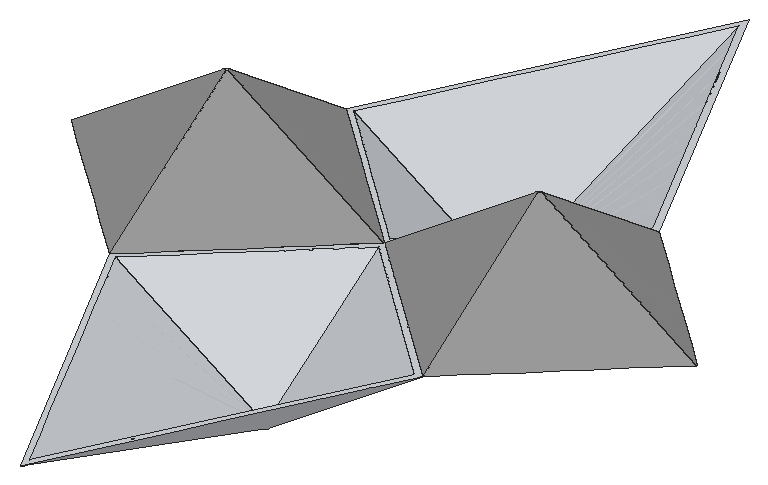
Revit family "CLD-FCT-016_KITE_RTV", category Modelos genéricos, Revit 2022 (continued)
Definition of nested family "CLD-FCT-016_KITE_1_RTV"
  Forms (in)
    Extrusion 125, solid, not visible
      sketch origin (61.88413, 137.28574, 0) x (1, 0, 0) y (0, 1, 0)
        loop
          line (46.11587, -29.28574) -> (-61.88412, -29.28574) -> (-59.38412, -31.78574) -> (43.61587, -31.78574) -> (46.11587, -29.28574)
      from 0 to 0.59055
    Extrusion 126, solid, not visible
      sketch origin (18.95842, 8.20753, 0) x (1, 0, 0) y (0, 1, 0)
        loop
          line (-16.93086, 97.76491) -> (-16.45842, 97.29247) -> (86.54158, 97.29247) -> (87.01402, 97.76491) -> (-16.93086, 97.76491)
      from 0.59055 to 8
    Extrusion 127, solid, not visible
      sketch origin (-101.24865, 87.31603, 0) x (0, -1, 0) y (1, 0, 0)
        loop
          line (-20.21152, 101.72109) -> (-20.68397, 101.24865) -> (87.31604, 101.24865) -> (86.84359, 101.72109) -> (-20.21152, 101.72109)
      from 0.47244 to 8
    Extrusion 128, solid, not visible
      sketch origin (-29.28573, 61.88413, 0) x (0, 1, 0) y (-1, 0, 0)
        loop
          line (46.11587, -29.28574) -> (-61.88412, -29.28574) -> (-59.38412, -31.78574) -> (43.61587, -31.78574) -> (46.11587, -29.28574)
      from 0 to 0.59055
    Extrusion 129, solid, not visible
      sketch origin (-99.22109, 87.31603, 0) x (0, -1, 0) y (1, 0, 0)
        loop
          line (-18.18396, 101.72109) -> (-18.65641, 101.24865) -> (85.28848, 101.24865) -> (84.81603, 101.72109) -> (-18.18396, 101.72109)
      from 0.47244 to 8
    Extrusion 130, solid, not visible
      sketch origin (61.88413, -29.28574, 0) x (1, 0, 0) y (0, 1, 0)
        loop
          line (46.11587, 29.28574) -> (43.61587, 31.78574) -> (-59.38412, 31.78574) -> (-61.88412, 29.28574) -> (46.11587, 29.28574)
      from 0 to 0.47244
    Extrusion 131, solid, not visible
      sketch origin (8.95842, -97.17435, 0) x (1, 0, 0) y (0, 1, 0)
        loop
          line (-8.48598, 97.64679) -> (-8.95842, 97.17436) -> (99.04157, 97.17436) -> (98.56914, 97.64679) -> (-8.48598, 97.64679)
      from 0.59055 to 8
    Extrusion 132, solid, not visible
      sketch origin (8.95842, -95.14679, 0) x (1, 0, 0) y (0, 1, 0)
        loop
          line (-6.45842, 97.64679) -> (-6.93085, 97.17436) -> (97.01401, 97.17436) -> (96.54158, 97.64679) -> (-6.45842, 97.64679)
      from 0.59055 to 8
    Extrusion 133, solid, not visible
      sketch origin (61.88413, -29.28574, 0) x (1, 0, 0) y (0, 1, 0)
        loop
          line (46.11587, 29.28574) -> (43.61587, 31.78574) -> (-59.38412, 31.78574) -> (-61.88412, 29.28574) -> (46.11587, 29.28574)
      from 0 to 0.47244
    Extrusion 134, solid, not visible
      sketch origin (18.95842, 10.23509, 0) x (1, 0, 0) y (0, 1, 0)
        loop
          line (-18.95842, 97.76491) -> (-18.48598, 97.29247) -> (88.56914, 97.29247) -> (89.04158, 97.76491) -> (-18.95842, 97.76491)
      from 0.59055 to 8
    Extrusion 135, solid, not visible
      sketch origin (8.95842, -97.17435, 0) x (1, 0, 0) y (0, 1, 0)
        loop
          line (-8.48598, 97.64679) -> (-8.95842, 97.17436) -> (99.04157, 97.17436) -> (98.56914, 97.64679) -> (-8.48598, 97.64679)
      from 0.59055 to 8
    Extrusion 136, solid, not visible
      sketch origin (10.23509, 91.82771, 0) x (0, -1, 0) y (1, 0, 0)
        loop
          line (-16.17229, 97.76491) -> (-15.69986, 97.29248) -> (91.35527, 97.29248) -> (91.82771, 97.76491) -> (-16.17229, 97.76491)
      from 0.59055 to 8
    Extrusion 137, solid, not visible
      sketch origin (-101.24865, 87.31603, 0) x (0, -1, 0) y (1, 0, 0)
        loop
          line (-20.21152, 101.72109) -> (-20.68397, 101.24865) -> (87.31604, 101.24865) -> (86.84359, 101.72109) -> (-20.21152, 101.72109)
      from 0.47244 to 8
    Extrusion 138, solid, not visible
      sketch origin (61.88413, 137.28574, 0) x (1, 0, 0) y (0, 1, 0)
        loop
          line (46.11587, -29.28574) -> (-61.88412, -29.28574) -> (-59.38412, -31.78574) -> (43.61587, -31.78574) -> (46.11587, -29.28574)
      from 0 to 0.59055
    Extrusion 139, solid, not visible
      sketch origin (-29.28573, 61.88413, 0) x (0, 1, 0) y (-1, 0, 0)
        loop
          line (46.11587, -29.28574) -> (-61.88412, -29.28574) -> (-59.38412, -31.78574) -> (43.61587, -31.78574) -> (46.11587, -29.28574)
      from 0 to 0.59055
    Extrusion 140, solid, not visible
      sketch origin (137.28574, 61.88413, 0) x (0, 1, 0) y (-1, 0, 0)
        loop
          line (46.11587, 29.28574) -> (43.61587, 31.78574) -> (-59.38412, 31.78574) -> (-61.88412, 29.28574) -> (46.11587, 29.28574)
      from 0 to 0.59055
    Extrusion 141, solid, not visible
      sketch origin (8.95842, -95.14679, 0) x (1, 0, 0) y (0, 1, 0)
        loop
          line (-6.45842, 97.64679) -> (-6.93085, 97.17436) -> (97.01401, 97.17436) -> (96.54158, 97.64679) -> (-6.45842, 97.64679)
      from 0.59055 to 8
    Extrusion 142, solid, not visible
      sketch origin (-99.22109, 87.31603, 0) x (0, -1, 0) y (1, 0, 0)
        loop
          line (-18.18396, 101.72109) -> (-18.65641, 101.24865) -> (85.28848, 101.24865) -> (84.81603, 101.72109) -> (-18.18396, 101.72109)
      from 0.47244 to 8
    Extrusion 143, solid, not visible
      sketch origin (18.95842, 8.20753, 0) x (1, 0, 0) y (0, 1, 0)
        loop
          line (-16.93086, 97.76491) -> (-16.45842, 97.29247) -> (86.54158, 97.29247) -> (87.01402, 97.76491) -> (-16.93086, 97.76491)
      from 0.59055 to 8
    Extrusion 144, solid, not visible
      sketch origin (8.20754, 91.82771, 0) x (0, -1, 0) y (1, 0, 0)
        loop
          line (-14.14474, 97.76491) -> (-13.67231, 97.29248) -> (89.32772, 97.29248) -> (89.80016, 97.76491) -> (-14.14474, 97.76491)
      from 0.59055 to 8.22418
    Extrusion 145, solid, not visible
      sketch origin (8.95842, -70.17436, 0) x (1, 0, 0) y (0, 1, 0)
        loop
          line (-8.48642, 97.64679) -> (-8.48642, 97.17436) -> (98.56914, 97.17436) -> (98.56914, 97.64679) -> (-8.48642, 97.64679)
      from 0.59055 to 8
    Extrusion 146, solid, not visible
      sketch origin (8.95842, -68.1468, 0) x (1, 0, 0) y (0, 1, 0)
        loop
          line (-8.48642, 97.64679) -> (-8.48642, 97.17436) -> (98.56914, 97.17436) -> (98.56914, 97.64679) -> (-8.48642, 97.64679)
      from 0.59055 to 8
    Extrusion 147, solid, not visible
      sketch origin (8.95842, -44.42438, 0) x (1, 0, 0) y (0, 1, 0)
        loop
          line (-8.48642, 97.64679) -> (-8.48642, 97.17436) -> (98.56914, 97.17436) -> (98.56914, 97.64679) -> (-8.48642, 97.64679)
      from 0.59055 to 8
    Extrusion 148, solid, not visible
      sketch origin (8.95842, -42.39682, 0) x (1, 0, 0) y (0, 1, 0)
        loop
          line (-8.48642, 97.64679) -> (-8.48642, 97.17436) -> (98.56914, 97.17436) -> (98.56914, 97.64679) -> (-8.48642, 97.64679)
      from 0.59055 to 8
    Extrusion 149, solid, not visible
      sketch origin (8.95842, -18.67436, 0) x (1, 0, 0) y (0, 1, 0)
        loop
          line (-8.48642, 97.64679) -> (-8.48642, 97.17436) -> (98.56914, 97.17436) -> (98.56914, 97.64679) -> (-8.48642, 97.64679)
      from 0.59055 to 8
    Extrusion 150, solid, not visible
      sketch origin (8.95842, -16.6468, 0) x (1, 0, 0) y (0, 1, 0)
        loop
          line (-8.48642, 97.64679) -> (-8.48642, 97.17436) -> (98.56914, 97.17436) -> (98.56914, 97.64679) -> (-8.48642, 97.64679)
      from 0.59055 to 8
    Extrusion 151, solid, not visible
      sketch origin (-70.17436, 99.04114, 0) x (0, -1, 0) y (1, 0, 0)
        loop
          line (-8.48642, 97.64679) -> (-8.48642, 97.17436) -> (98.56914, 97.17436) -> (98.56914, 97.64679) -> (-8.48642, 97.64679)
      from 0.59055 to 8
    Extrusion 152, solid, not visible
      sketch origin (-68.1468, 99.04114, 0) x (0, -1, 0) y (1, 0, 0)
        loop
          line (-8.48642, 97.64679) -> (-8.48642, 97.17436) -> (98.56914, 97.17436) -> (98.56914, 97.64679) -> (-8.48642, 97.64679)
      from 0.59055 to 8
    Extrusion 153, solid, not visible
      sketch origin (-44.89438, 99.04114, 0) x (0, -1, 0) y (1, 0, 0)
        loop
          line (-8.48642, 97.64679) -> (-8.48642, 97.17436) -> (98.56914, 97.17436) -> (98.56914, 97.64679) -> (-8.48642, 97.64679)
      from 0.59055 to 8
    Extrusion 154, solid, not visible
      sketch origin (-42.39682, 99.04114, 0) x (0, -1, 0) y (1, 0, 0)
        loop
          line (-8.48642, 97.64679) -> (-8.48642, 97.17436) -> (98.56914, 97.17436) -> (98.56914, 97.64679) -> (-8.48642, 97.64679)
      from 0.59055 to 8
    Extrusion 155, solid, not visible
      sketch origin (-18.67436, 99.04114, 0) x (0, -1, 0) y (1, 0, 0)
        loop
          line (-8.48642, 97.64679) -> (-8.48642, 97.17436) -> (98.56914, 97.17436) -> (98.56914, 97.64679) -> (-8.48642, 97.64679)
      from 0.59055 to 8
    Extrusion 156, solid, not visible
      sketch origin (-16.6468, 99.04114, 0) x (0, -1, 0) y (1, 0, 0)
        loop
          line (-8.48642, 97.64679) -> (-8.48642, 97.17436) -> (98.56914, 97.17436) -> (98.56914, 97.64679) -> (-8.48642, 97.64679)
      from 0.59055 to 8
    Extrusion 157, solid, not visible
      sketch origin (60.46912, 110.28574, 0) x (1, 0, 0) y (0, 1, 0)
        loop
          line (45.03088, -29.28574) -> (-57.96911, -29.28574) -> (-57.96911, -31.78574) -> (45.03088, -31.78574) -> (45.03088, -29.28574)
        loop
          line (23.78088, -31.03574) -> (41.78088, -31.03574) -> (41.78088, -30.03574) -> (23.78088, -30.03574) -> (23.78088, -31.03574)
        loop
          line (-54.71912, -31.03574) -> (-36.71912, -31.03574) -> (-36.71912, -30.03574) -> (-54.71912, -30.03574) -> (-54.71912, -31.03574)
      from 0 to 0.59055
    Extrusion 158, solid, not visible
      sketch origin (60.46912, 84.53571, 0) x (1, 0, 0) y (0, 1, 0)
        loop
          line (45.03088, -29.28574) -> (-57.96911, -29.28574) -> (-57.96911, -31.78574) -> (45.03088, -31.78574) -> (45.03088, -29.28574)
        loop
          line (-28.96912, -31.03574) -> (-10.96912, -31.03574) -> (-10.96912, -30.03574) -> (-28.96912, -30.03574) -> (-28.96912, -31.03574)
        loop
          line (-3.21912, -31.03571) -> (14.78088, -31.03571) -> (14.78088, -30.03571) -> (-3.21912, -30.03571) -> (-3.21912, -31.03571)
      from 0 to 0.59055
    Extrusion 159, solid, not visible
      sketch origin (60.46912, 58.78574, 0) x (1, 0, 0) y (0, 1, 0)
        loop
          line (45.03088, -29.28574) -> (-57.96911, -29.28574) -> (-57.96911, -31.78574) -> (45.03088, -31.78574) -> (45.03088, -29.28574)
        loop
          line (23.78088, -31.03574) -> (41.78088, -31.03574) -> (41.78088, -30.03574) -> (23.78088, -30.03574) -> (23.78088, -31.03574)
        loop
          line (-54.71912, -31.03574) -> (-36.71912, -31.03574) -> (-36.71912, -30.03574) -> (-54.71912, -30.03574) -> (-54.71912, -31.03574)
      from 0 to 0.59055
    Extrusion 160, solid, not visible
      sketch origin (23.46427, 86.21912, 0) x (0, 1, 0) y (-1, 0, 0)
        loop
          line (19.28088, -28.81571) -> (-83.71912, -28.81571) -> (-83.71912, -31.78574) -> (19.28088, -31.78574) -> (19.28088, -28.81571)
        loop
          line (-28.96912, -29.78573) -> (-28.96912, -30.78571) -> (-10.96912, -30.78571) -> (-10.96912, -29.78573) -> (-28.96912, -29.78573)
        loop
          line (-54.71914, -29.78573) -> (-54.71914, -30.78573) -> (-36.71914, -30.78573) -> (-36.71914, -29.78573) -> (-54.71914, -29.78573)
      from 0 to 0.59055
    Extrusion 161, solid, not visible
      sketch origin (-2.28571, 86.21912, 0) x (0, 1, 0) y (-1, 0, 0)
        loop
          line (19.28088, -29.28574) -> (-83.71912, -29.28574) -> (-83.71912, -31.78574) -> (19.28088, -31.78574) -> (19.28088, -29.28574)
        loop
          line (16.03088, -31.03571) -> (16.03088, -30.03571) -> (-1.96912, -30.03571) -> (-1.96912, -31.03571) -> (16.03088, -31.03571)
        loop
          line (-62.46912, -31.03571) -> (-62.46912, -30.03571) -> (-80.46912, -30.03571) -> (-80.46912, -31.03571) -> (-62.46912, -31.03571)
      from 0 to 0.59055
    Extrusion 162, solid, not visible
      sketch origin (49.21426, 86.21912, 0) x (0, 1, 0) y (-1, 0, 0)
        loop
          line (19.28088, -29.28574) -> (-83.71912, -29.28574) -> (-83.71912, -31.78574) -> (19.28088, -31.78574) -> (19.28088, -29.28574)
        loop
          line (16.03088, -31.03571) -> (16.03088, -30.03571) -> (-1.96912, -30.03571) -> (-1.96912, -31.03571) -> (16.03088, -31.03571)
        loop
          line (-62.46912, -31.03571) -> (-62.46912, -30.03571) -> (-80.46912, -30.03571) -> (-80.46912, -31.03571) -> (-62.46912, -31.03571)
      from 0 to 0.59055
    Extrusion 163, solid, not visible
      sketch origin (0, 0, 0) x (1, 0, 0) y (0, 1, 0)
        loop
          line (27.75, 102.25) -> (27.75, 84.25) -> (28.75, 84.25) -> (28.75, 102.25) -> (27.75, 102.25)
      from 0 to 1
    Extrusion 164, solid, not visible
      sketch origin (0, -78.5, 0) x (1, 0, 0) y (0, 1, 0)
        loop
          line (27.75, 102.25) -> (27.75, 84.25) -> (28.75, 84.25) -> (28.75, 102.25) -> (27.75, 102.25)
      from 0 to 1
    Extrusion 165, solid, not visible
      sketch origin (51.49997, 0, 0) x (1, 0, 0) y (0, 1, 0)
        loop
          line (27.75, 102.25) -> (27.75, 84.25) -> (28.75, 84.25) -> (28.75, 102.25) -> (27.75, 102.25)
      from 0 to 1
    Extrusion 166, solid, not visible
      sketch origin (51.49997, -78.5, 0) x (1, 0, 0) y (0, 1, 0)
        loop
          line (27.75, 102.25) -> (27.75, 84.25) -> (28.75, 84.25) -> (28.75, 102.25) -> (27.75, 102.25)
      from 0 to 1
    Extrusion 167, solid, not visible
      sketch origin (25.74998, -27, 0) x (1, 0, 0) y (0, 1, 0)
        loop
          line (27.50002, 102.25) -> (27.50002, 84.25) -> (28.5, 84.25) -> (28.5, 102.25) -> (27.50002, 102.25)
      from 0 to 1
    Extrusion 168, solid, not visible
      sketch origin (25.74998, -52.75002, 0) x (1, 0, 0) y (0, 1, 0)
        loop
          line (27.50002, 102.25) -> (27.50002, 84.25) -> (28.50002, 84.25) -> (28.50002, 102.25) -> (27.50002, 102.25)
      from 0 to 1
    Extrusion 169, solid, not visible
      sketch origin (108, 0, 0) x (0, 1, 0) y (-1, 0, 0)
        loop
          line (27.75, 102.25) -> (27.75, 84.25) -> (28.75, 84.25) -> (28.75, 102.25) -> (27.75, 102.25)
      from 0 to 1
    Extrusion 170, solid, not visible
      sketch origin (186.5, 0, 0) x (0, 1, 0) y (-1, 0, 0)
        loop
          line (27.75, 102.25) -> (27.75, 84.25) -> (28.75, 84.25) -> (28.75, 102.25) -> (27.75, 102.25)
      from 0 to 1
    Extrusion 171, solid, not visible
      sketch origin (108, 51.5, 0) x (0, 1, 0) y (-1, 0, 0)
        loop
          line (27.75, 102.25) -> (27.75, 84.25) -> (28.75, 84.25) -> (28.75, 102.25) -> (27.75, 102.25)
      from 0 to 1
    Extrusion 172, solid, not visible
      sketch origin (186.5, 51.5, 0) x (0, 1, 0) y (-1, 0, 0)
        loop
          line (27.75, 102.25) -> (27.75, 84.25) -> (28.75, 84.25) -> (28.75, 102.25) -> (27.75, 102.25)
      from 0 to 1
    Extrusion 173, solid, not visible
      sketch origin (133.74998, 25.74998, 0) x (0, 1, 0) y (-1, 0, 0)
        loop
          line (27.75, 102.25) -> (27.75, 84.25) -> (28.75, 84.25) -> (28.75, 102.25) -> (27.75, 102.25)
      from 0 to 1
    Extrusion 174, solid, not visible
      sketch origin (159.49998, 25.74998, 0) x (0, 1, 0) y (-1, 0, 0)
        loop
          line (27.75, 102.25) -> (27.75, 84.25) -> (28.75, 84.25) -> (28.75, 102.25) -> (27.75, 102.25)
      from 0 to 1
    Extrusion 175, solid, not visible
      sketch origin (0, 0, 0) x (1, 0, 0) y (0, 1, 0)
        loop
          line (24.34376, 0.56617) -> (24.34376, 24.31617) -> (0.59376, 24.31617) -> (0.59376, 0.56617) -> (24.34376, 0.56617)
      from 0.11811 to 0.59055
    Extrusion 176, solid, not visible
      sketch origin (0, 0, 0) x (1, 0, 0) y (0, 1, 0)
        loop
          line (24.34376, 0.56617) -> (24.34376, 24.31617) -> (0.59376, 24.31617) -> (0.59376, 0.56617) -> (24.34376, 0.56617)
      from 0 to 0.11811
    Extrusion 177, solid, not visible
      sketch origin (24, 0, 0) x (1, 0, 0) y (0, 1, 0)
        loop
          line (24.34376, 0.56617) -> (24.34376, 24.31617) -> (0.59376, 24.31617) -> (0.59376, 0.56617) -> (24.34376, 0.56617)
      from 0.11811 to 0.59055
    Extrusion 178, solid, not visible
      sketch origin (24, 0, 0) x (1, 0, 0) y (0, 1, 0)
        loop
          line (24.34376, 0.56617) -> (24.34376, 24.31617) -> (0.59376, 24.31617) -> (0.59376, 0.56617) -> (24.34376, 0.56617)
      from 0 to 0.11811
    Extrusion 179, solid, not visible
      sketch origin (48, 0, 0) x (1, 0, 0) y (0, 1, 0)
        loop
          line (24.34376, 0.56617) -> (24.34376, 24.31617) -> (0.59376, 24.31617) -> (0.59376, 0.56617) -> (24.34376, 0.56617)
      from 0.11811 to 0.59055
    Extrusion 180, solid, not visible
      sketch origin (48, 0, 0) x (1, 0, 0) y (0, 1, 0)
        loop
          line (24.34376, 0.56617) -> (24.34376, 24.31617) -> (0.59376, 24.31617) -> (0.59376, 0.56617) -> (24.34376, 0.56617)
      from 0 to 0.11811
    Extrusion 181, solid, not visible
      sketch origin (72, 0, 0) x (1, 0, 0) y (0, 1, 0)
        loop
          line (24.34376, 0.56617) -> (24.34376, 24.31617) -> (0.59376, 24.31617) -> (0.59376, 0.56617) -> (24.34376, 0.56617)
      from 0.11811 to 0.59055
    Extrusion 182, solid, not visible
      sketch origin (72, 0, 0) x (1, 0, 0) y (0, 1, 0)
        loop
          line (24.34376, 0.56617) -> (24.34376, 24.31617) -> (0.59376, 24.31617) -> (0.59376, 0.56617) -> (24.34376, 0.56617)
      from 0 to 0.11811
    Extrusion 183, solid, not visible
      sketch origin (0, 24, 0) x (1, 0, 0) y (0, 1, 0)
        loop
          line (24.34376, 0.56617) -> (24.34376, 24.31617) -> (0.59376, 24.31617) -> (0.59376, 0.56617) -> (24.34376, 0.56617)
      from 0.11811 to 0.59055
    Extrusion 184, solid, not visible
      sketch origin (0, 24, 0) x (1, 0, 0) y (0, 1, 0)
        loop
          line (24.34376, 0.56617) -> (24.34376, 24.31617) -> (0.59376, 24.31617) -> (0.59376, 0.56617) -> (24.34376, 0.56617)
      from 0 to 0.11811
    Extrusion 185, solid, not visible
      sketch origin (24, 24, 0) x (1, 0, 0) y (0, 1, 0)
        loop
          line (24.34376, 0.56617) -> (24.34376, 24.31617) -> (0.59376, 24.31617) -> (0.59376, 0.56617) -> (24.34376, 0.56617)
      from 0.11811 to 0.59055
    Extrusion 186, solid, not visible
      sketch origin (24, 24, 0) x (1, 0, 0) y (0, 1, 0)
        loop
          line (24.34376, 0.56617) -> (24.34376, 24.31617) -> (0.59376, 24.31617) -> (0.59376, 0.56617) -> (24.34376, 0.56617)
      from 0 to 0.11811
    Extrusion 187, solid, not visible
      sketch origin (48, 24, 0) x (1, 0, 0) y (0, 1, 0)
        loop
          line (24.34376, 0.56617) -> (24.34376, 24.31617) -> (0.59376, 24.31617) -> (0.59376, 0.56617) -> (24.34376, 0.56617)
      from 0.11811 to 0.59055
    Extrusion 188, solid, not visible
      sketch origin (48, 24, 0) x (1, 0, 0) y (0, 1, 0)
        loop
          line (24.34376, 0.56617) -> (24.34376, 24.31617) -> (0.59376, 24.31617) -> (0.59376, 0.56617) -> (24.34376, 0.56617)
      from 0 to 0.11811
    Extrusion 189, solid, not visible
      sketch origin (72, 24, 0) x (1, 0, 0) y (0, 1, 0)
        loop
          line (24.34376, 0.56617) -> (24.34376, 24.31617) -> (0.59376, 24.31617) -> (0.59376, 0.56617) -> (24.34376, 0.56617)
      from 0.11811 to 0.59055
    Extrusion 190, solid, not visible
      sketch origin (72, 24, 0) x (1, 0, 0) y (0, 1, 0)
        loop
          line (24.34376, 0.56617) -> (24.34376, 24.31617) -> (0.59376, 24.31617) -> (0.59376, 0.56617) -> (24.34376, 0.56617)
      from 0 to 0.11811
    Extrusion 191, solid, not visible
      sketch origin (0, 48, 0) x (1, 0, 0) y (0, 1, 0)
        loop
          line (24.34376, 0.56617) -> (24.34376, 24.31617) -> (0.59376, 24.31617) -> (0.59376, 0.56617) -> (24.34376, 0.56617)
      from 0.11811 to 0.59055
    Extrusion 192, solid, not visible
      sketch origin (0, 48, 0) x (1, 0, 0) y (0, 1, 0)
        loop
          line (24.34376, 0.56617) -> (24.34376, 24.31617) -> (0.59376, 24.31617) -> (0.59376, 0.56617) -> (24.34376, 0.56617)
      from 0 to 0.11811
    Extrusion 193, solid, not visible
      sketch origin (24, 48, 0) x (1, 0, 0) y (0, 1, 0)
        loop
          line (24.34376, 0.56617) -> (24.34376, 24.31617) -> (0.59376, 24.31617) -> (0.59376, 0.56617) -> (24.34376, 0.56617)
      from 0.11811 to 0.59055
    Extrusion 194, solid, not visible
      sketch origin (24, 48, 0) x (1, 0, 0) y (0, 1, 0)
        loop
          line (24.34376, 0.56617) -> (24.34376, 24.31617) -> (0.59376, 24.31617) -> (0.59376, 0.56617) -> (24.34376, 0.56617)
      from 0 to 0.11811
    Extrusion 195, solid, not visible
      sketch origin (48, 48, 0) x (1, 0, 0) y (0, 1, 0)
        loop
          line (24.34376, 0.56617) -> (24.34376, 24.31617) -> (0.59376, 24.31617) -> (0.59376, 0.56617) -> (24.34376, 0.56617)
      from 0.11811 to 0.59055
    Extrusion 196, solid, not visible
      sketch origin (48, 48, 0) x (1, 0, 0) y (0, 1, 0)
        loop
          line (24.34376, 0.56617) -> (24.34376, 24.31617) -> (0.59376, 24.31617) -> (0.59376, 0.56617) -> (24.34376, 0.56617)
      from 0 to 0.11811
    Extrusion 197, solid, not visible
      sketch origin (72, 48, 0) x (1, 0, 0) y (0, 1, 0)
        loop
          line (24.34376, 0.56617) -> (24.34376, 24.31617) -> (0.59376, 24.31617) -> (0.59376, 0.56617) -> (24.34376, 0.56617)
      from 0.11811 to 0.59055
    Extrusion 198, solid, not visible
      sketch origin (72, 48, 0) x (1, 0, 0) y (0, 1, 0)
        loop
          line (24.34376, 0.56617) -> (24.34376, 24.31617) -> (0.59376, 24.31617) -> (0.59376, 0.56617) -> (24.34376, 0.56617)
      from 0 to 0.11811
    Extrusion 199, solid, not visible
      sketch origin (0, 72, 0) x (1, 0, 0) y (0, 1, 0)
        loop
          line (24.34376, 0.56617) -> (24.34376, 24.31617) -> (0.59376, 24.31617) -> (0.59376, 0.56617) -> (24.34376, 0.56617)
      from 0.11811 to 0.59055
    Extrusion 200, solid, not visible
      sketch origin (0, 72, 0) x (1, 0, 0) y (0, 1, 0)
        loop
          line (24.34376, 0.56617) -> (24.34376, 24.31617) -> (0.59376, 24.31617) -> (0.59376, 0.56617) -> (24.34376, 0.56617)
      from 0 to 0.11811
    Extrusion 201, solid, not visible
      sketch origin (24, 72, 0) x (1, 0, 0) y (0, 1, 0)
        loop
          line (24.34376, 0.56617) -> (24.34376, 24.31617) -> (0.59376, 24.31617) -> (0.59376, 0.56617) -> (24.34376, 0.56617)
      from 0.11811 to 0.59055
    Extrusion 202, solid, not visible
      sketch origin (24, 72, 0) x (1, 0, 0) y (0, 1, 0)
        loop
          line (24.34376, 0.56617) -> (24.34376, 24.31617) -> (0.59376, 24.31617) -> (0.59376, 0.56617) -> (24.34376, 0.56617)
      from 0 to 0.11811
    Extrusion 203, solid, not visible
      sketch origin (48, 72, 0) x (1, 0, 0) y (0, 1, 0)
        loop
          line (24.34376, 0.56617) -> (24.34376, 24.31617) -> (0.59376, 24.31617) -> (0.59376, 0.56617) -> (24.34376, 0.56617)
      from 0.11811 to 0.59055
    Extrusion 204, solid, not visible
      sketch origin (48, 72, 0) x (1, 0, 0) y (0, 1, 0)
        loop
          line (24.34376, 0.56617) -> (24.34376, 24.31617) -> (0.59376, 24.31617) -> (0.59376, 0.56617) -> (24.34376, 0.56617)
      from 0 to 0.11811
    Extrusion 205, solid, not visible
      sketch origin (72, 72, 0) x (1, 0, 0) y (0, 1, 0)
        loop
          line (24.34376, 0.56617) -> (24.34376, 24.31617) -> (0.59376, 24.31617) -> (0.59376, 0.56617) -> (24.34376, 0.56617)
      from 0.11811 to 0.59055
    Extrusion 206, solid, not visible
      sketch origin (72, 72, 0) x (1, 0, 0) y (0, 1, 0)
        loop
          line (24.34376, 0.56617) -> (24.34376, 24.31617) -> (0.59376, 24.31617) -> (0.59376, 0.56617) -> (24.34376, 0.56617)
      from 0 to 0.11811
    Extrusion 207, solid, not visible
      sketch origin (0, 0, 0) x (0, 1, 0) y (0, 0, 1)
        loop
          line (0.42221, 1.66259) -> (0.42231, 0.67354)
          arc (0.42231, 0.67354) -> (0.41009, 0.64403) -> (0.38057, 0.6318) r 0.04174
          line (0.38057, 0.6318) -> (-0.00639, 0.6318) -> (-0.00639, 0.59057) -> (0.8874, 0.59057) -> (0.8874, 0.6318) -> (0.49998, 0.6318)
          arc (0.49998, 0.6318) -> (0.47046, 0.64403) -> (0.45824, 0.67354) r 0.04174
          line (0.45824, 0.67354) -> (0.45834, 1.66259)
          arc (0.45834, 1.66259) -> (0.46543, 1.67969) -> (0.48252, 1.68677) r 0.02418
          line (0.48252, 1.68677) -> (0.52252, 1.68677)
          arc (0.52252, 1.68677) -> (0.55303, 1.69941) -> (0.56566, 1.72991) r 0.04314
          line (0.56566, 1.72991) -> (0.56566, 2.14095)
          arc (0.56566, 2.14095) -> (0.5626, 2.15637) -> (0.55386, 2.16944) r 0.04029
          line (0.55386, 2.16944) -> (0.47053, 2.25277)
          arc (0.47053, 2.25277) -> (0.44027, 2.2653) -> (0.41002, 2.25277) r 0.04279
          line (0.41002, 2.25277) -> (0.32669, 2.16944)
          arc (0.32669, 2.16944) -> (0.31795, 2.15637) -> (0.31489, 2.14095) r 0.04029
          line (0.31489, 2.14095) -> (0.31489, 1.72991)
          arc (0.31489, 1.72991) -> (0.32752, 1.69941) -> (0.35803, 1.68677) r 0.04314
          line (0.35803, 1.68677) -> (0.39803, 1.68677)
          arc (0.39803, 1.68677) -> (0.41512, 1.67969) -> (0.42221, 1.66259) r 0.02418
        loop
          arc (0.33294, 1.7291) -> (0.34005, 1.71194) -> (0.35722, 1.70483) r 0.02428
          line (0.35722, 1.70483) -> (0.39815, 1.70483)
          arc (0.39815, 1.70483) -> (0.42797, 1.69248) -> (0.44023, 1.66266) r 0.04217
          arc (0.44023, 1.66266) -> (0.45258, 1.69248) -> (0.4824, 1.70483) r 0.04217
          line (0.4824, 1.70483) -> (0.52333, 1.70483)
          arc (0.52333, 1.70483) -> (0.54049, 1.71194) -> (0.54761, 1.7291) r 0.02428
          line (0.54761, 1.7291) -> (0.54761, 2.15016) -> (0.45704, 2.24072)
          arc (0.45704, 2.24072) -> (0.44027, 2.24767) -> (0.42351, 2.24072) r 0.02371
          line (0.42351, 2.24072) -> (0.33294, 2.15016) -> (0.33294, 1.7291)
      from 0 to 96.9361
    Extrusion 208, solid, not visible
      sketch origin (0, 24, 0) x (0, 1, 0) y (0, 0, 1)
        loop
          line (0.42221, 1.66259) -> (0.42231, 0.67354)
          arc (0.42231, 0.67354) -> (0.41009, 0.64403) -> (0.38057, 0.6318) r 0.04174
          line (0.38057, 0.6318) -> (-0.00639, 0.6318) -> (-0.00639, 0.59057) -> (0.8874, 0.59057) -> (0.8874, 0.6318) -> (0.49998, 0.6318)
          arc (0.49998, 0.6318) -> (0.47046, 0.64403) -> (0.45824, 0.67354) r 0.04174
          line (0.45824, 0.67354) -> (0.45834, 1.66259)
          arc (0.45834, 1.66259) -> (0.46543, 1.67969) -> (0.48252, 1.68677) r 0.02418
          line (0.48252, 1.68677) -> (0.52252, 1.68677)
          arc (0.52252, 1.68677) -> (0.55303, 1.69941) -> (0.56566, 1.72991) r 0.04314
          line (0.56566, 1.72991) -> (0.56566, 2.14095)
          arc (0.56566, 2.14095) -> (0.5626, 2.15637) -> (0.55386, 2.16944) r 0.04029
          line (0.55386, 2.16944) -> (0.47053, 2.25277)
          arc (0.47053, 2.25277) -> (0.44027, 2.2653) -> (0.41002, 2.25277) r 0.04279
          line (0.41002, 2.25277) -> (0.32669, 2.16944)
          arc (0.32669, 2.16944) -> (0.31795, 2.15637) -> (0.31489, 2.14095) r 0.04029
          line (0.31489, 2.14095) -> (0.31489, 1.72991)
          arc (0.31489, 1.72991) -> (0.32752, 1.69941) -> (0.35803, 1.68677) r 0.04314
          line (0.35803, 1.68677) -> (0.39803, 1.68677)
          arc (0.39803, 1.68677) -> (0.41512, 1.67969) -> (0.42221, 1.66259) r 0.02418
        loop
          arc (0.33294, 1.7291) -> (0.34005, 1.71194) -> (0.35722, 1.70483) r 0.02428
          line (0.35722, 1.70483) -> (0.39815, 1.70483)
          arc (0.39815, 1.70483) -> (0.42797, 1.69248) -> (0.44023, 1.66266) r 0.04217
          arc (0.44023, 1.66266) -> (0.45258, 1.69248) -> (0.4824, 1.70483) r 0.04217
          line (0.4824, 1.70483) -> (0.52333, 1.70483)
          arc (0.52333, 1.70483) -> (0.54049, 1.71194) -> (0.54761, 1.7291) r 0.02428
          line (0.54761, 1.7291) -> (0.54761, 2.15016) -> (0.45704, 2.24072)
          arc (0.45704, 2.24072) -> (0.44027, 2.24767) -> (0.42351, 2.24072) r 0.02371
          line (0.42351, 2.24072) -> (0.33294, 2.15016) -> (0.33294, 1.7291)
      from 0 to 96.9361
    Extrusion 209, solid, not visible
      sketch origin (0, 48, 0) x (0, 1, 0) y (0, 0, 1)
        loop
          line (0.42221, 1.66259) -> (0.42231, 0.67354)
          arc (0.42231, 0.67354) -> (0.41009, 0.64403) -> (0.38057, 0.6318) r 0.04174
          line (0.38057, 0.6318) -> (-0.00639, 0.6318) -> (-0.00639, 0.59057) -> (0.8874, 0.59057) -> (0.8874, 0.6318) -> (0.49998, 0.6318)
          arc (0.49998, 0.6318) -> (0.47046, 0.64403) -> (0.45824, 0.67354) r 0.04174
          line (0.45824, 0.67354) -> (0.45834, 1.66259)
          arc (0.45834, 1.66259) -> (0.46543, 1.67969) -> (0.48252, 1.68677) r 0.02418
          line (0.48252, 1.68677) -> (0.52252, 1.68677)
          arc (0.52252, 1.68677) -> (0.55303, 1.69941) -> (0.56566, 1.72991) r 0.04314
          line (0.56566, 1.72991) -> (0.56566, 2.14095)
          arc (0.56566, 2.14095) -> (0.5626, 2.15637) -> (0.55386, 2.16944) r 0.04029
          line (0.55386, 2.16944) -> (0.47053, 2.25277)
          arc (0.47053, 2.25277) -> (0.44027, 2.2653) -> (0.41002, 2.25277) r 0.04279
          line (0.41002, 2.25277) -> (0.32669, 2.16944)
          arc (0.32669, 2.16944) -> (0.31795, 2.15637) -> (0.31489, 2.14095) r 0.04029
          line (0.31489, 2.14095) -> (0.31489, 1.72991)
          arc (0.31489, 1.72991) -> (0.32752, 1.69941) -> (0.35803, 1.68677) r 0.04314
          line (0.35803, 1.68677) -> (0.39803, 1.68677)
          arc (0.39803, 1.68677) -> (0.41512, 1.67969) -> (0.42221, 1.66259) r 0.02418
        loop
          arc (0.33294, 1.7291) -> (0.34005, 1.71194) -> (0.35722, 1.70483) r 0.02428
          line (0.35722, 1.70483) -> (0.39815, 1.70483)
          arc (0.39815, 1.70483) -> (0.42797, 1.69248) -> (0.44023, 1.66266) r 0.04217
          arc (0.44023, 1.66266) -> (0.45258, 1.69248) -> (0.4824, 1.70483) r 0.04217
          line (0.4824, 1.70483) -> (0.52333, 1.70483)
          arc (0.52333, 1.70483) -> (0.54049, 1.71194) -> (0.54761, 1.7291) r 0.02428
          line (0.54761, 1.7291) -> (0.54761, 2.15016) -> (0.45704, 2.24072)
          arc (0.45704, 2.24072) -> (0.44027, 2.24767) -> (0.42351, 2.24072) r 0.02371
          line (0.42351, 2.24072) -> (0.33294, 2.15016) -> (0.33294, 1.7291)
      from 0 to 96.9361
    Extrusion 210, solid, not visible
      sketch origin (0, 72, 0) x (0, 1, 0) y (0, 0, 1)
        loop
          line (0.42221, 1.66259) -> (0.42231, 0.67354)
          arc (0.42231, 0.67354) -> (0.41009, 0.64403) -> (0.38057, 0.6318) r 0.04174
          line (0.38057, 0.6318) -> (-0.00639, 0.6318) -> (-0.00639, 0.59057) -> (0.8874, 0.59057) -> (0.8874, 0.6318) -> (0.49998, 0.6318)
          arc (0.49998, 0.6318) -> (0.47046, 0.64403) -> (0.45824, 0.67354) r 0.04174
          line (0.45824, 0.67354) -> (0.45834, 1.66259)
          arc (0.45834, 1.66259) -> (0.46543, 1.67969) -> (0.48252, 1.68677) r 0.02418
          line (0.48252, 1.68677) -> (0.52252, 1.68677)
          arc (0.52252, 1.68677) -> (0.55303, 1.69941) -> (0.56566, 1.72991) r 0.04314
          line (0.56566, 1.72991) -> (0.56566, 2.14095)
          arc (0.56566, 2.14095) -> (0.5626, 2.15637) -> (0.55386, 2.16944) r 0.04029
          line (0.55386, 2.16944) -> (0.47053, 2.25277)
          arc (0.47053, 2.25277) -> (0.44027, 2.2653) -> (0.41002, 2.25277) r 0.04279
          line (0.41002, 2.25277) -> (0.32669, 2.16944)
          arc (0.32669, 2.16944) -> (0.31795, 2.15637) -> (0.31489, 2.14095) r 0.04029
          line (0.31489, 2.14095) -> (0.31489, 1.72991)
          arc (0.31489, 1.72991) -> (0.32752, 1.69941) -> (0.35803, 1.68677) r 0.04314
          line (0.35803, 1.68677) -> (0.39803, 1.68677)
          arc (0.39803, 1.68677) -> (0.41512, 1.67969) -> (0.42221, 1.66259) r 0.02418
        loop
          arc (0.33294, 1.7291) -> (0.34005, 1.71194) -> (0.35722, 1.70483) r 0.02428
          line (0.35722, 1.70483) -> (0.39815, 1.70483)
          arc (0.39815, 1.70483) -> (0.42797, 1.69248) -> (0.44023, 1.66266) r 0.04217
          arc (0.44023, 1.66266) -> (0.45258, 1.69248) -> (0.4824, 1.70483) r 0.04217
          line (0.4824, 1.70483) -> (0.52333, 1.70483)
          arc (0.52333, 1.70483) -> (0.54049, 1.71194) -> (0.54761, 1.7291) r 0.02428
          line (0.54761, 1.7291) -> (0.54761, 2.15016) -> (0.45704, 2.24072)
          arc (0.45704, 2.24072) -> (0.44027, 2.24767) -> (0.42351, 2.24072) r 0.02371
          line (0.42351, 2.24072) -> (0.33294, 2.15016) -> (0.33294, 1.7291)
      from 0 to 96.9361
    Extrusion 211, solid, not visible
      sketch origin (0, 96, 0) x (0, 1, 0) y (0, 0, 1)
        loop
          line (0.42221, 1.66259) -> (0.42231, 0.67354)
          arc (0.42231, 0.67354) -> (0.41009, 0.64403) -> (0.38057, 0.6318) r 0.04174
          line (0.38057, 0.6318) -> (-0.00639, 0.6318) -> (-0.00639, 0.59057) -> (0.8874, 0.59057) -> (0.8874, 0.6318) -> (0.49998, 0.6318)
          arc (0.49998, 0.6318) -> (0.47046, 0.64403) -> (0.45824, 0.67354) r 0.04174
          line (0.45824, 0.67354) -> (0.45834, 1.66259)
          arc (0.45834, 1.66259) -> (0.46543, 1.67969) -> (0.48252, 1.68677) r 0.02418
          line (0.48252, 1.68677) -> (0.52252, 1.68677)
          arc (0.52252, 1.68677) -> (0.55303, 1.69941) -> (0.56566, 1.72991) r 0.04314
          line (0.56566, 1.72991) -> (0.56566, 2.14095)
          arc (0.56566, 2.14095) -> (0.5626, 2.15637) -> (0.55386, 2.16944) r 0.04029
          line (0.55386, 2.16944) -> (0.47053, 2.25277)
          arc (0.47053, 2.25277) -> (0.44027, 2.2653) -> (0.41002, 2.25277) r 0.04279
          line (0.41002, 2.25277) -> (0.32669, 2.16944)
          arc (0.32669, 2.16944) -> (0.31795, 2.15637) -> (0.31489, 2.14095) r 0.04029
          line (0.31489, 2.14095) -> (0.31489, 1.72991)
          arc (0.31489, 1.72991) -> (0.32752, 1.69941) -> (0.35803, 1.68677) r 0.04314
          line (0.35803, 1.68677) -> (0.39803, 1.68677)
          arc (0.39803, 1.68677) -> (0.41512, 1.67969) -> (0.42221, 1.66259) r 0.02418
        loop
          arc (0.33294, 1.7291) -> (0.34005, 1.71194) -> (0.35722, 1.70483) r 0.02428
          line (0.35722, 1.70483) -> (0.39815, 1.70483)
          arc (0.39815, 1.70483) -> (0.42797, 1.69248) -> (0.44023, 1.66266) r 0.04217
          arc (0.44023, 1.66266) -> (0.45258, 1.69248) -> (0.4824, 1.70483) r 0.04217
          line (0.4824, 1.70483) -> (0.52333, 1.70483)
          arc (0.52333, 1.70483) -> (0.54049, 1.71194) -> (0.54761, 1.7291) r 0.02428
          line (0.54761, 1.7291) -> (0.54761, 2.15016) -> (0.45704, 2.24072)
          arc (0.45704, 2.24072) -> (0.44027, 2.24767) -> (0.42351, 2.24072) r 0.02371
          line (0.42351, 2.24072) -> (0.33294, 2.15016) -> (0.33294, 1.7291)
      from 0 to 96.9361
    Extrusion 212, solid, not visible
      sketch origin (48.02754, 154.90856, 0) x (1, 0, 0) y (0, 0, 1)
        loop
          line (0.42221, 1.66259) -> (0.42231, 0.67354)
          arc (0.42231, 0.67354) -> (0.41009, 0.64403) -> (0.38057, 0.6318) r 0.04174
          line (0.38057, 0.6318) -> (-0.00639, 0.6318) -> (-0.00639, 0.59057) -> (0.8874, 0.59057) -> (0.8874, 0.6318) -> (0.49998, 0.6318)
          arc (0.49998, 0.6318) -> (0.47046, 0.64403) -> (0.45824, 0.67354) r 0.04174
          line (0.45824, 0.67354) -> (0.45834, 1.66259)
          arc (0.45834, 1.66259) -> (0.46543, 1.67969) -> (0.48252, 1.68677) r 0.02418
          line (0.48252, 1.68677) -> (0.52252, 1.68677)
          arc (0.52252, 1.68677) -> (0.55303, 1.69941) -> (0.56566, 1.72991) r 0.04314
          line (0.56566, 1.72991) -> (0.56566, 2.14095)
          arc (0.56566, 2.14095) -> (0.5626, 2.15637) -> (0.55386, 2.16944) r 0.04029
          line (0.55386, 2.16944) -> (0.47053, 2.25277)
          arc (0.47053, 2.25277) -> (0.44027, 2.2653) -> (0.41002, 2.25277) r 0.04279
          line (0.41002, 2.25277) -> (0.32669, 2.16944)
          arc (0.32669, 2.16944) -> (0.31795, 2.15637) -> (0.31489, 2.14095) r 0.04029
          line (0.31489, 2.14095) -> (0.31489, 1.72991)
          arc (0.31489, 1.72991) -> (0.32752, 1.69941) -> (0.35803, 1.68677) r 0.04314
          line (0.35803, 1.68677) -> (0.39803, 1.68677)
          arc (0.39803, 1.68677) -> (0.41512, 1.67969) -> (0.42221, 1.66259) r 0.02418
        loop
          arc (0.33294, 1.7291) -> (0.34005, 1.71194) -> (0.35722, 1.70483) r 0.02428
          line (0.35722, 1.70483) -> (0.39815, 1.70483)
          arc (0.39815, 1.70483) -> (0.42797, 1.69248) -> (0.44023, 1.66266) r 0.04217
          arc (0.44023, 1.66266) -> (0.45258, 1.69248) -> (0.4824, 1.70483) r 0.04217
          line (0.4824, 1.70483) -> (0.52333, 1.70483)
          arc (0.52333, 1.70483) -> (0.54049, 1.71194) -> (0.54761, 1.7291) r 0.02428
          line (0.54761, 1.7291) -> (0.54761, 2.15016) -> (0.45704, 2.24072)
          arc (0.45704, 2.24072) -> (0.44027, 2.24767) -> (0.42351, 2.24072) r 0.02371
          line (0.42351, 2.24072) -> (0.33294, 2.15016) -> (0.33294, 1.7291)
      from 58.93614 to 81.99864
    Extrusion 213, solid, not visible
      sketch origin (72.02767, 154.90856, 0) x (1, 0, 0) y (0, 0, 1)
        loop
          line (0.42221, 1.66259) -> (0.42231, 0.67354)
          arc (0.42231, 0.67354) -> (0.41009, 0.64403) -> (0.38057, 0.6318) r 0.04174
          line (0.38057, 0.6318) -> (-0.00639, 0.6318) -> (-0.00639, 0.59057) -> (0.8874, 0.59057) -> (0.8874, 0.6318) -> (0.49998, 0.6318)
          arc (0.49998, 0.6318) -> (0.47046, 0.64403) -> (0.45824, 0.67354) r 0.04174
          line (0.45824, 0.67354) -> (0.45834, 1.66259)
          arc (0.45834, 1.66259) -> (0.46543, 1.67969) -> (0.48252, 1.68677) r 0.02418
          line (0.48252, 1.68677) -> (0.52252, 1.68677)
          arc (0.52252, 1.68677) -> (0.55303, 1.69941) -> (0.56566, 1.72991) r 0.04314
          line (0.56566, 1.72991) -> (0.56566, 2.14095)
          arc (0.56566, 2.14095) -> (0.5626, 2.15637) -> (0.55386, 2.16944) r 0.04029
          line (0.55386, 2.16944) -> (0.47053, 2.25277)
          arc (0.47053, 2.25277) -> (0.44027, 2.2653) -> (0.41002, 2.25277) r 0.04279
          line (0.41002, 2.25277) -> (0.32669, 2.16944)
          arc (0.32669, 2.16944) -> (0.31795, 2.15637) -> (0.31489, 2.14095) r 0.04029
          line (0.31489, 2.14095) -> (0.31489, 1.72991)
          arc (0.31489, 1.72991) -> (0.32752, 1.69941) -> (0.35803, 1.68677) r 0.04314
          line (0.35803, 1.68677) -> (0.39803, 1.68677)
          arc (0.39803, 1.68677) -> (0.41512, 1.67969) -> (0.42221, 1.66259) r 0.02418
        loop
          arc (0.33294, 1.7291) -> (0.34005, 1.71194) -> (0.35722, 1.70483) r 0.02428
          line (0.35722, 1.70483) -> (0.39815, 1.70483)
          arc (0.39815, 1.70483) -> (0.42797, 1.69248) -> (0.44023, 1.66266) r 0.04217
          arc (0.44023, 1.66266) -> (0.45258, 1.69248) -> (0.4824, 1.70483) r 0.04217
          line (0.4824, 1.70483) -> (0.52333, 1.70483)
          arc (0.52333, 1.70483) -> (0.54049, 1.71194) -> (0.54761, 1.7291) r 0.02428
          line (0.54761, 1.7291) -> (0.54761, 2.15016) -> (0.45704, 2.24072)
          arc (0.45704, 2.24072) -> (0.44027, 2.24767) -> (0.42351, 2.24072) r 0.02371
          line (0.42351, 2.24072) -> (0.33294, 2.15016) -> (0.33294, 1.7291)
      from 58.93614 to 81.99864
    Extrusion 214, solid, not visible
      sketch origin (96.02767, 154.90856, 0) x (1, 0, 0) y (0, 0, 1)
        loop
          line (0.42221, 1.66259) -> (0.42231, 0.67354)
          arc (0.42231, 0.67354) -> (0.41009, 0.64403) -> (0.38057, 0.6318) r 0.04174
          line (0.38057, 0.6318) -> (-0.00639, 0.6318) -> (-0.00639, 0.59057) -> (0.8874, 0.59057) -> (0.8874, 0.6318) -> (0.49998, 0.6318)
          arc (0.49998, 0.6318) -> (0.47046, 0.64403) -> (0.45824, 0.67354) r 0.04174
          line (0.45824, 0.67354) -> (0.45834, 1.66259)
          arc (0.45834, 1.66259) -> (0.46543, 1.67969) -> (0.48252, 1.68677) r 0.02418
          line (0.48252, 1.68677) -> (0.52252, 1.68677)
          arc (0.52252, 1.68677) -> (0.55303, 1.69941) -> (0.56566, 1.72991) r 0.04314
          line (0.56566, 1.72991) -> (0.56566, 2.14095)
          arc (0.56566, 2.14095) -> (0.5626, 2.15637) -> (0.55386, 2.16944) r 0.04029
          line (0.55386, 2.16944) -> (0.47053, 2.25277)
          arc (0.47053, 2.25277) -> (0.44027, 2.2653) -> (0.41002, 2.25277) r 0.04279
          line (0.41002, 2.25277) -> (0.32669, 2.16944)
          arc (0.32669, 2.16944) -> (0.31795, 2.15637) -> (0.31489, 2.14095) r 0.04029
          line (0.31489, 2.14095) -> (0.31489, 1.72991)
          arc (0.31489, 1.72991) -> (0.32752, 1.69941) -> (0.35803, 1.68677) r 0.04314
          line (0.35803, 1.68677) -> (0.39803, 1.68677)
          arc (0.39803, 1.68677) -> (0.41512, 1.67969) -> (0.42221, 1.66259) r 0.02418
        loop
          arc (0.33294, 1.7291) -> (0.34005, 1.71194) -> (0.35722, 1.70483) r 0.02428
          line (0.35722, 1.70483) -> (0.39815, 1.70483)
          arc (0.39815, 1.70483) -> (0.42797, 1.69248) -> (0.44023, 1.66266) r 0.04217
          arc (0.44023, 1.66266) -> (0.45258, 1.69248) -> (0.4824, 1.70483) r 0.04217
          line (0.4824, 1.70483) -> (0.52333, 1.70483)
          arc (0.52333, 1.70483) -> (0.54049, 1.71194) -> (0.54761, 1.7291) r 0.02428
          line (0.54761, 1.7291) -> (0.54761, 2.15016) -> (0.45704, 2.24072)
          arc (0.45704, 2.24072) -> (0.44027, 2.24767) -> (0.42351, 2.24072) r 0.02371
          line (0.42351, 2.24072) -> (0.33294, 2.15016) -> (0.33294, 1.7291)
      from 58.93614 to 81.99864
    Extrusion 215, solid, not visible
      sketch origin (24.02767, 154.90856, 0) x (1, 0, 0) y (0, 0, 1)
        loop
          line (0.42221, 1.66259) -> (0.42231, 0.67354)
          arc (0.42231, 0.67354) -> (0.41009, 0.64403) -> (0.38057, 0.6318) r 0.04174
          line (0.38057, 0.6318) -> (-0.00639, 0.6318) -> (-0.00639, 0.59057) -> (0.8874, 0.59057) -> (0.8874, 0.6318) -> (0.49998, 0.6318)
          arc (0.49998, 0.6318) -> (0.47046, 0.64403) -> (0.45824, 0.67354) r 0.04174
          line (0.45824, 0.67354) -> (0.45834, 1.66259)
          arc (0.45834, 1.66259) -> (0.46543, 1.67969) -> (0.48252, 1.68677) r 0.02418
          line (0.48252, 1.68677) -> (0.52252, 1.68677)
          arc (0.52252, 1.68677) -> (0.55303, 1.69941) -> (0.56566, 1.72991) r 0.04314
          line (0.56566, 1.72991) -> (0.56566, 2.14095)
          arc (0.56566, 2.14095) -> (0.5626, 2.15637) -> (0.55386, 2.16944) r 0.04029
          line (0.55386, 2.16944) -> (0.47053, 2.25277)
          arc (0.47053, 2.25277) -> (0.44027, 2.2653) -> (0.41002, 2.25277) r 0.04279
          line (0.41002, 2.25277) -> (0.32669, 2.16944)
          arc (0.32669, 2.16944) -> (0.31795, 2.15637) -> (0.31489, 2.14095) r 0.04029
          line (0.31489, 2.14095) -> (0.31489, 1.72991)
          arc (0.31489, 1.72991) -> (0.32752, 1.69941) -> (0.35803, 1.68677) r 0.04314
          line (0.35803, 1.68677) -> (0.39803, 1.68677)
          arc (0.39803, 1.68677) -> (0.41512, 1.67969) -> (0.42221, 1.66259) r 0.02418
        loop
          arc (0.33294, 1.7291) -> (0.34005, 1.71194) -> (0.35722, 1.70483) r 0.02428
          line (0.35722, 1.70483) -> (0.39815, 1.70483)
          arc (0.39815, 1.70483) -> (0.42797, 1.69248) -> (0.44023, 1.66266) r 0.04217
          arc (0.44023, 1.66266) -> (0.45258, 1.69248) -> (0.4824, 1.70483) r 0.04217
          line (0.4824, 1.70483) -> (0.52333, 1.70483)
          arc (0.52333, 1.70483) -> (0.54049, 1.71194) -> (0.54761, 1.7291) r 0.02428
          line (0.54761, 1.7291) -> (0.54761, 2.15016) -> (0.45704, 2.24072)
          arc (0.45704, 2.24072) -> (0.44027, 2.24767) -> (0.42351, 2.24072) r 0.02371
          line (0.42351, 2.24072) -> (0.33294, 2.15016) -> (0.33294, 1.7291)
      from 58.93614 to 81.99864
    Extrusion 216, solid, not visible
      sketch origin (0.02767, 154.90856, 0) x (1, 0, 0) y (0, 0, 1)
        loop
          line (0.42221, 1.66259) -> (0.42231, 0.67354)
          arc (0.42231, 0.67354) -> (0.41009, 0.64403) -> (0.38057, 0.6318) r 0.04174
          line (0.38057, 0.6318) -> (-0.00639, 0.6318) -> (-0.00639, 0.59057) -> (0.8874, 0.59057) -> (0.8874, 0.6318) -> (0.49998, 0.6318)
          arc (0.49998, 0.6318) -> (0.47046, 0.64403) -> (0.45824, 0.67354) r 0.04174
          line (0.45824, 0.67354) -> (0.45834, 1.66259)
          arc (0.45834, 1.66259) -> (0.46543, 1.67969) -> (0.48252, 1.68677) r 0.02418
          line (0.48252, 1.68677) -> (0.52252, 1.68677)
          arc (0.52252, 1.68677) -> (0.55303, 1.69941) -> (0.56566, 1.72991) r 0.04314
          line (0.56566, 1.72991) -> (0.56566, 2.14095)
          arc (0.56566, 2.14095) -> (0.5626, 2.15637) -> (0.55386, 2.16944) r 0.04029
          line (0.55386, 2.16944) -> (0.47053, 2.25277)
          arc (0.47053, 2.25277) -> (0.44027, 2.2653) -> (0.41002, 2.25277) r 0.04279
          line (0.41002, 2.25277) -> (0.32669, 2.16944)
          arc (0.32669, 2.16944) -> (0.31795, 2.15637) -> (0.31489, 2.14095) r 0.04029
          line (0.31489, 2.14095) -> (0.31489, 1.72991)
          arc (0.31489, 1.72991) -> (0.32752, 1.69941) -> (0.35803, 1.68677) r 0.04314
          line (0.35803, 1.68677) -> (0.39803, 1.68677)
          arc (0.39803, 1.68677) -> (0.41512, 1.67969) -> (0.42221, 1.66259) r 0.02418
        loop
          arc (0.33294, 1.7291) -> (0.34005, 1.71194) -> (0.35722, 1.70483) r 0.02428
          line (0.35722, 1.70483) -> (0.39815, 1.70483)
          arc (0.39815, 1.70483) -> (0.42797, 1.69248) -> (0.44023, 1.66266) r 0.04217
          arc (0.44023, 1.66266) -> (0.45258, 1.69248) -> (0.4824, 1.70483) r 0.04217
          line (0.4824, 1.70483) -> (0.52333, 1.70483)
          arc (0.52333, 1.70483) -> (0.54049, 1.71194) -> (0.54761, 1.7291) r 0.02428
          line (0.54761, 1.7291) -> (0.54761, 2.15016) -> (0.45704, 2.24072)
          arc (0.45704, 2.24072) -> (0.44027, 2.24767) -> (0.42351, 2.24072) r 0.02371
          line (0.42351, 2.24072) -> (0.33294, 2.15016) -> (0.33294, 1.7291)
      from 58.93614 to 81.99864
    Extrusion 217, solid, not visible
      sketch origin (48.02754, 130.90855, 0) x (1, 0, 0) y (0, 0, 1)
        loop
          line (0.42221, 1.66259) -> (0.42231, 0.67354)
          arc (0.42231, 0.67354) -> (0.41009, 0.64403) -> (0.38057, 0.6318) r 0.04174
          line (0.38057, 0.6318) -> (-0.00639, 0.6318) -> (-0.00639, 0.59057) -> (0.8874, 0.59057) -> (0.8874, 0.6318) -> (0.49998, 0.6318)
          arc (0.49998, 0.6318) -> (0.47046, 0.64403) -> (0.45824, 0.67354) r 0.04174
          line (0.45824, 0.67354) -> (0.45834, 1.66259)
          arc (0.45834, 1.66259) -> (0.46543, 1.67969) -> (0.48252, 1.68677) r 0.02418
          line (0.48252, 1.68677) -> (0.52252, 1.68677)
          arc (0.52252, 1.68677) -> (0.55303, 1.69941) -> (0.56566, 1.72991) r 0.04314
          line (0.56566, 1.72991) -> (0.56566, 2.14095)
          arc (0.56566, 2.14095) -> (0.5626, 2.15637) -> (0.55386, 2.16944) r 0.04029
          line (0.55386, 2.16944) -> (0.47053, 2.25277)
          arc (0.47053, 2.25277) -> (0.44027, 2.2653) -> (0.41002, 2.25277) r 0.04279
          line (0.41002, 2.25277) -> (0.32669, 2.16944)
          arc (0.32669, 2.16944) -> (0.31795, 2.15637) -> (0.31489, 2.14095) r 0.04029
          line (0.31489, 2.14095) -> (0.31489, 1.72991)
          arc (0.31489, 1.72991) -> (0.32752, 1.69941) -> (0.35803, 1.68677) r 0.04314
          line (0.35803, 1.68677) -> (0.39803, 1.68677)
          arc (0.39803, 1.68677) -> (0.41512, 1.67969) -> (0.42221, 1.66259) r 0.02418
        loop
          arc (0.33294, 1.7291) -> (0.34005, 1.71194) -> (0.35722, 1.70483) r 0.02428
          line (0.35722, 1.70483) -> (0.39815, 1.70483)
          arc (0.39815, 1.70483) -> (0.42797, 1.69248) -> (0.44023, 1.66266) r 0.04217
          arc (0.44023, 1.66266) -> (0.45258, 1.69248) -> (0.4824, 1.70483) r 0.04217
          line (0.4824, 1.70483) -> (0.52333, 1.70483)
          arc (0.52333, 1.70483) -> (0.54049, 1.71194) -> (0.54761, 1.7291) r 0.02428
          line (0.54761, 1.7291) -> (0.54761, 2.15016) -> (0.45704, 2.24072)
          arc (0.45704, 2.24072) -> (0.44027, 2.24767) -> (0.42351, 2.24072) r 0.02371
          line (0.42351, 2.24072) -> (0.33294, 2.15016) -> (0.33294, 1.7291)
      from 58.93614 to 81.99864
    Extrusion 218, solid, not visible
      sketch origin (72.02767, 130.90855, 0) x (1, 0, 0) y (0, 0, 1)
        loop
          line (0.42221, 1.66259) -> (0.42231, 0.67354)
          arc (0.42231, 0.67354) -> (0.41009, 0.64403) -> (0.38057, 0.6318) r 0.04174
          line (0.38057, 0.6318) -> (-0.00639, 0.6318) -> (-0.00639, 0.59057) -> (0.8874, 0.59057) -> (0.8874, 0.6318) -> (0.49998, 0.6318)
          arc (0.49998, 0.6318) -> (0.47046, 0.64403) -> (0.45824, 0.67354) r 0.04174
          line (0.45824, 0.67354) -> (0.45834, 1.66259)
          arc (0.45834, 1.66259) -> (0.46543, 1.67969) -> (0.48252, 1.68677) r 0.02418
          line (0.48252, 1.68677) -> (0.52252, 1.68677)
          arc (0.52252, 1.68677) -> (0.55303, 1.69941) -> (0.56566, 1.72991) r 0.04314
          line (0.56566, 1.72991) -> (0.56566, 2.14095)
          arc (0.56566, 2.14095) -> (0.5626, 2.15637) -> (0.55386, 2.16944) r 0.04029
          line (0.55386, 2.16944) -> (0.47053, 2.25277)
          arc (0.47053, 2.25277) -> (0.44027, 2.2653) -> (0.41002, 2.25277) r 0.04279
          line (0.41002, 2.25277) -> (0.32669, 2.16944)
          arc (0.32669, 2.16944) -> (0.31795, 2.15637) -> (0.31489, 2.14095) r 0.04029
          line (0.31489, 2.14095) -> (0.31489, 1.72991)
          arc (0.31489, 1.72991) -> (0.32752, 1.69941) -> (0.35803, 1.68677) r 0.04314
          line (0.35803, 1.68677) -> (0.39803, 1.68677)
          arc (0.39803, 1.68677) -> (0.41512, 1.67969) -> (0.42221, 1.66259) r 0.02418
        loop
          arc (0.33294, 1.7291) -> (0.34005, 1.71194) -> (0.35722, 1.70483) r 0.02428
          line (0.35722, 1.70483) -> (0.39815, 1.70483)
          arc (0.39815, 1.70483) -> (0.42797, 1.69248) -> (0.44023, 1.66266) r 0.04217
          arc (0.44023, 1.66266) -> (0.45258, 1.69248) -> (0.4824, 1.70483) r 0.04217
          line (0.4824, 1.70483) -> (0.52333, 1.70483)
          arc (0.52333, 1.70483) -> (0.54049, 1.71194) -> (0.54761, 1.7291) r 0.02428
          line (0.54761, 1.7291) -> (0.54761, 2.15016) -> (0.45704, 2.24072)
          arc (0.45704, 2.24072) -> (0.44027, 2.24767) -> (0.42351, 2.24072) r 0.02371
          line (0.42351, 2.24072) -> (0.33294, 2.15016) -> (0.33294, 1.7291)
      from 58.93614 to 81.99864
    Extrusion 219, solid, not visible
      sketch origin (96.02767, 130.90855, 0) x (1, 0, 0) y (0, 0, 1)
        loop
          line (0.42221, 1.66259) -> (0.42231, 0.67354)
          arc (0.42231, 0.67354) -> (0.41009, 0.64403) -> (0.38057, 0.6318) r 0.04174
          line (0.38057, 0.6318) -> (-0.00639, 0.6318) -> (-0.00639, 0.59057) -> (0.8874, 0.59057) -> (0.8874, 0.6318) -> (0.49998, 0.6318)
          arc (0.49998, 0.6318) -> (0.47046, 0.64403) -> (0.45824, 0.67354) r 0.04174
          line (0.45824, 0.67354) -> (0.45834, 1.66259)
          arc (0.45834, 1.66259) -> (0.46543, 1.67969) -> (0.48252, 1.68677) r 0.02418
          line (0.48252, 1.68677) -> (0.52252, 1.68677)
          arc (0.52252, 1.68677) -> (0.55303, 1.69941) -> (0.56566, 1.72991) r 0.04314
          line (0.56566, 1.72991) -> (0.56566, 2.14095)
          arc (0.56566, 2.14095) -> (0.5626, 2.15637) -> (0.55386, 2.16944) r 0.04029
          line (0.55386, 2.16944) -> (0.47053, 2.25277)
          arc (0.47053, 2.25277) -> (0.44027, 2.2653) -> (0.41002, 2.25277) r 0.04279
          line (0.41002, 2.25277) -> (0.32669, 2.16944)
          arc (0.32669, 2.16944) -> (0.31795, 2.15637) -> (0.31489, 2.14095) r 0.04029
          line (0.31489, 2.14095) -> (0.31489, 1.72991)
          arc (0.31489, 1.72991) -> (0.32752, 1.69941) -> (0.35803, 1.68677) r 0.04314
          line (0.35803, 1.68677) -> (0.39803, 1.68677)
          arc (0.39803, 1.68677) -> (0.41512, 1.67969) -> (0.42221, 1.66259) r 0.02418
        loop
          arc (0.33294, 1.7291) -> (0.34005, 1.71194) -> (0.35722, 1.70483) r 0.02428
          line (0.35722, 1.70483) -> (0.39815, 1.70483)
          arc (0.39815, 1.70483) -> (0.42797, 1.69248) -> (0.44023, 1.66266) r 0.04217
          arc (0.44023, 1.66266) -> (0.45258, 1.69248) -> (0.4824, 1.70483) r 0.04217
          line (0.4824, 1.70483) -> (0.52333, 1.70483)
          arc (0.52333, 1.70483) -> (0.54049, 1.71194) -> (0.54761, 1.7291) r 0.02428
          line (0.54761, 1.7291) -> (0.54761, 2.15016) -> (0.45704, 2.24072)
          arc (0.45704, 2.24072) -> (0.44027, 2.24767) -> (0.42351, 2.24072) r 0.02371
          line (0.42351, 2.24072) -> (0.33294, 2.15016) -> (0.33294, 1.7291)
      from 58.93614 to 81.99864
    Extrusion 220, solid, not visible
      sketch origin (24.02767, 130.90855, 0) x (1, 0, 0) y (0, 0, 1)
        loop
          line (0.42221, 1.66259) -> (0.42231, 0.67354)
          arc (0.42231, 0.67354) -> (0.41009, 0.64403) -> (0.38057, 0.6318) r 0.04174
          line (0.38057, 0.6318) -> (-0.00639, 0.6318) -> (-0.00639, 0.59057) -> (0.8874, 0.59057) -> (0.8874, 0.6318) -> (0.49998, 0.6318)
          arc (0.49998, 0.6318) -> (0.47046, 0.64403) -> (0.45824, 0.67354) r 0.04174
          line (0.45824, 0.67354) -> (0.45834, 1.66259)
          arc (0.45834, 1.66259) -> (0.46543, 1.67969) -> (0.48252, 1.68677) r 0.02418
          line (0.48252, 1.68677) -> (0.52252, 1.68677)
          arc (0.52252, 1.68677) -> (0.55303, 1.69941) -> (0.56566, 1.72991) r 0.04314
          line (0.56566, 1.72991) -> (0.56566, 2.14095)
          arc (0.56566, 2.14095) -> (0.5626, 2.15637) -> (0.55386, 2.16944) r 0.04029
          line (0.55386, 2.16944) -> (0.47053, 2.25277)
          arc (0.47053, 2.25277) -> (0.44027, 2.2653) -> (0.41002, 2.25277) r 0.04279
          line (0.41002, 2.25277) -> (0.32669, 2.16944)
          arc (0.32669, 2.16944) -> (0.31795, 2.15637) -> (0.31489, 2.14095) r 0.04029
          line (0.31489, 2.14095) -> (0.31489, 1.72991)
          arc (0.31489, 1.72991) -> (0.32752, 1.69941) -> (0.35803, 1.68677) r 0.04314
          line (0.35803, 1.68677) -> (0.39803, 1.68677)
          arc (0.39803, 1.68677) -> (0.41512, 1.67969) -> (0.42221, 1.66259) r 0.02418
        loop
          arc (0.33294, 1.7291) -> (0.34005, 1.71194) -> (0.35722, 1.70483) r 0.02428
          line (0.35722, 1.70483) -> (0.39815, 1.70483)
          arc (0.39815, 1.70483) -> (0.42797, 1.69248) -> (0.44023, 1.66266) r 0.04217
          arc (0.44023, 1.66266) -> (0.45258, 1.69248) -> (0.4824, 1.70483) r 0.04217
          line (0.4824, 1.70483) -> (0.52333, 1.70483)
          arc (0.52333, 1.70483) -> (0.54049, 1.71194) -> (0.54761, 1.7291) r 0.02428
          line (0.54761, 1.7291) -> (0.54761, 2.15016) -> (0.45704, 2.24072)
          arc (0.45704, 2.24072) -> (0.44027, 2.24767) -> (0.42351, 2.24072) r 0.02371
          line (0.42351, 2.24072) -> (0.33294, 2.15016) -> (0.33294, 1.7291)
      from 58.93614 to 81.99864
    Extrusion 221, solid, not visible
      sketch origin (0.02767, 130.90855, 0) x (1, 0, 0) y (0, 0, 1)
        loop
          line (0.42221, 1.66259) -> (0.42231, 0.67354)
          arc (0.42231, 0.67354) -> (0.41009, 0.64403) -> (0.38057, 0.6318) r 0.04174
          line (0.38057, 0.6318) -> (-0.00639, 0.6318) -> (-0.00639, 0.59057) -> (0.8874, 0.59057) -> (0.8874, 0.6318) -> (0.49998, 0.6318)
          arc (0.49998, 0.6318) -> (0.47046, 0.64403) -> (0.45824, 0.67354) r 0.04174
          line (0.45824, 0.67354) -> (0.45834, 1.66259)
          arc (0.45834, 1.66259) -> (0.46543, 1.67969) -> (0.48252, 1.68677) r 0.02418
          line (0.48252, 1.68677) -> (0.52252, 1.68677)
          arc (0.52252, 1.68677) -> (0.55303, 1.69941) -> (0.56566, 1.72991) r 0.04314
          line (0.56566, 1.72991) -> (0.56566, 2.14095)
          arc (0.56566, 2.14095) -> (0.5626, 2.15637) -> (0.55386, 2.16944) r 0.04029
          line (0.55386, 2.16944) -> (0.47053, 2.25277)
          arc (0.47053, 2.25277) -> (0.44027, 2.2653) -> (0.41002, 2.25277) r 0.04279
          line (0.41002, 2.25277) -> (0.32669, 2.16944)
          arc (0.32669, 2.16944) -> (0.31795, 2.15637) -> (0.31489, 2.14095) r 0.04029
          line (0.31489, 2.14095) -> (0.31489, 1.72991)
          arc (0.31489, 1.72991) -> (0.32752, 1.69941) -> (0.35803, 1.68677) r 0.04314
          line (0.35803, 1.68677) -> (0.39803, 1.68677)
          arc (0.39803, 1.68677) -> (0.41512, 1.67969) -> (0.42221, 1.66259) r 0.02418
        loop
          arc (0.33294, 1.7291) -> (0.34005, 1.71194) -> (0.35722, 1.70483) r 0.02428
          line (0.35722, 1.70483) -> (0.39815, 1.70483)
          arc (0.39815, 1.70483) -> (0.42797, 1.69248) -> (0.44023, 1.66266) r 0.04217
